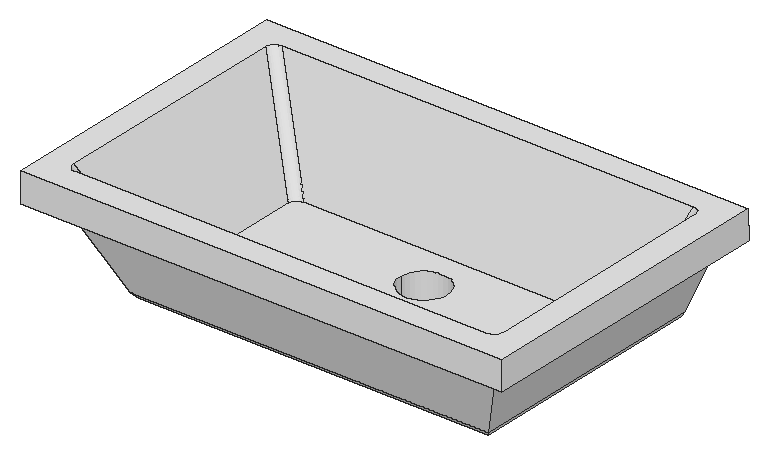
Revit family "Quail Under Slung Basin", category Plumbing Fixtures, Revit 2014
Parameters (values of type "Quail Under Slung Basin")
  URL = "http://www.vaalsan.co.za"
  Type Comments = "Quail Under Slung Basin"
  Manufacturer = if(1 = 1, "Vaal Sanitaryware", "Vaal Sanitaryware")  # "Vaal Sanitaryware"
  Finish = Plastic, Opaque White
  Capacity to overflow = ""
  Capacity to full = ""
  Assembly Code = "D2010400"
Reference planes
  plane 1 "Center (Front/Back)": y = 0
  plane 2: z = 0
  plane 3 "Center (Left/Right)": x = -15
  plane 4: x = -252.5
  plane 5: x = 222.5
  plane 6: x = -280
  plane 7: x = 250
  plane 8: y = 195
  plane 9: y = -145
  plane 10: y = 167.5
  plane 11: y = -117.5
  plane 12: z = 178
  plane 13: z = 146
  plane 14: z = 43
  plane 15: z = 59
  plane 16: y = 80
Forms (mm)
  Extrusion 1, solid, material "Plastic, Opaque White" <- "Finish", detail levels medium+fine
    sketch origin (0, 0, 0) x (1, 0, 0) y (0, 1, 0)
      loop
        line (-280, 195) -> (-280, -145) -> (250, -145) -> (250, 195) -> (-280, 195)
    from 0 to 178
  Blend 2, void
    base sketch origin (0, 0, 0) x (1, 0, 0) y (0, 1, 0)
      loop
        arc (-187.5, 130) -> (-194.571, 127.071) -> (-197.5, 120) r 10
        line (-197.5, 120) -> (-197.5, -52.5)
        arc (-197.5, -52.5) -> (-194.571, -59.571) -> (-187.5, -62.5) r 10
        line (-187.5, -62.5) -> (157.5, -62.5)
        arc (157.5, -62.5) -> (164.571, -59.571) -> (167.5, -52.5) r 10
        line (167.5, -52.5) -> (167.5, 120)
        arc (167.5, 120) -> (164.571, 127.071) -> (157.5, 130) r 10
        line (157.5, 130) -> (-187.5, 130)
    top sketch origin (0, 0, 0) x (1, 0, 0) y (0, 1, 0)
      loop
        arc (-242.5, 167.5) -> (-249.571, 164.571) -> (-252.5, 157.5) r 10
        line (-252.5, 157.5) -> (-252.5, -107.5)
        arc (-252.5, -107.5) -> (-249.571, -114.571) -> (-242.5, -117.5) r 10
        line (-242.5, -117.5) -> (212.5, -117.5)
        arc (212.5, -117.5) -> (219.571, -114.571) -> (222.5, -107.5) r 10
        line (222.5, -107.5) -> (222.5, 157.5)
        arc (222.5, 157.5) -> (219.571, 164.571) -> (212.5, 167.5) r 10
        line (212.5, 167.5) -> (-242.5, 167.5)
    from 59 to 180
  Extrusion 3, void
    sketch origin (0, 0, 0) x (1, 0, 0) y (0, 1, 0)
      loop
        circle (-15, 80) r 26
    from 0 to 250
  Sweep 4, void
    path origin (0, 0, 0) x (1, 0, 0) y (0, 1, 0)
      loop
        line (250, 195) -> (250, -145) -> (-280, -145) -> (-280, 195)
    profile origin (-15, -145, 0) x (0, -1, 0) y (0, 0, 1)
      loop
        arc (-15.077, 146) -> (-23.739, 143.452) -> (-29.642, 136.621) r 16
        line (-29.642, 136.621) -> (-67.934, 52.379)
        arc (-67.934, 52.379) -> (-73.838, 45.548) -> (-82.5, 43) r 16
        line (-82.5, 43) -> (-169.334, 43)
        arc (-169.334, 43) -> (-179.941, 38.607) -> (-184.334, 28) r 15
        line (-184.334, 28) -> (-184.334, 0) -> (0, 0) -> (0, 146) -> (-15.077, 146)
  Extrusion 5, void
    sketch origin (-15, 0, 0) x (0, 1, 0) y (0, 0, 1)
      loop
        line (195, 146) -> (191.131, 35.212)
        arc (191.131, 35.212) -> (185.037, 21.523) -> (171.143, 15.91) r 20
        line (171.143, 15.91) -> (123.693, 15.91)
        arc (123.693, 15.91) -> (112.057, 11.09) -> (107.237, -0.546) r 16.456
        line (107.237, -0.546) -> (195, -0.546) -> (195, 146)
    from -265 to 265
Cuts and joins
  Blend 2, Extrusion 3, Sweep 4, Extrusion 5 cuts Extrusion 1
Lines and regions (mm)
  Masking region 1, detail levels coarse
    outline origin (-15, 29.38, 0) x (1, 0, 0) y (0, 1, 0)
      loop
        arc (-232.5, -127.5) -> (-229.571, -134.571) -> (-222.5, -137.5) r 10
        line (-222.5, -137.5) -> (222.5, -137.5)
        arc (222.5, -137.5) -> (229.571, -134.571) -> (232.5, -127.5) r 10
        line (232.5, -127.5) -> (232.5, 127.5)
        arc (232.5, 127.5) -> (229.571, 134.571) -> (222.5, 137.5) r 10
        line (222.5, 137.5) -> (-222.5, 137.5)
        arc (-222.5, 137.5) -> (-229.571, 134.571) -> (-232.5, 127.5) r 10
        line (-232.5, 127.5) -> (-232.5, -127.5)
  Masking region 2
    outline origin (-15, 0, 0) x (0, 1, 0) y (0, 0, 1)
      loop
        arc (-77.066, 52.379) -> (-71.162, 45.548) -> (-62.5, 43) r 16
        line (-62.5, 43) -> (24.334, 43)
        arc (24.334, 43) -> (34.941, 38.607) -> (39.334, 28) r 15
        line (39.334, 28) -> (39.334, 0) -> (107.246, 0)
        arc (107.246, 0) -> (112.251, 11.282) -> (123.693, 15.91) r 16.456
        line (123.693, 15.91) -> (171.143, 15.91)
        arc (171.143, 15.91) -> (185.037, 21.523) -> (191.131, 35.212) r 20
        line (191.131, 35.212) -> (196.117, 178) -> (-145, 178) -> (-145, 146) -> (-129.923, 146)
        arc (-129.923, 146) -> (-121.261, 143.452) -> (-115.358, 136.621) r 16
        line (-115.358, 136.621) -> (-77.066, 52.379)
  symbolic lines
    curve 1: line (-15, 175.141, 35.771) -> (-15, 178.99, 146)
    curve 2: line (-15, 144.85, 52.498) -> (-15, 167.5, 146)
    curve 3: arc (-15, 171.143, 31.91) -> (-15, 173.922, 33.033) -> (-15, 175.141, 35.771) r 4
    curve 4: line (-15, 123.693, 31.91) -> (-15, 171.143, 31.91)
    curve 5: arc (-15, 106, 26.664) -> (-15, 114.466, 30.571) -> (-15, 123.693, 31.91) r 32.456
    curve 6: arc (-15, 178.99, 146) -> (-15, 173.245, 150.52) -> (-15, 167.5, 146) r 5.911
    curve 7: line (-15, 106, 0) -> (-15, 106, 26.664)
    curve 8: line (-15, 106, 0) -> (-15, 107.246, 0)
    curve 9: arc (-15, 106, 44.565) -> (-15, 114.69, 47.066) -> (-15, 123.693, 47.91) r 48.456
    curve 10: line (-15, 123.693, 47.91) -> (-15, 139.019, 47.91)
    curve 11: arc (-15, 139.019, 47.91) -> (-15, 142.728, 49.195) -> (-15, 144.85, 52.498) r 6
    curve 12: line (-15, -62.5, 59) -> (-15, 38, 59)
    curve 13: line (-15, -62.5, 59) -> (-15, -116.591, 178)
    curve 14: line (-15, 54, 43) -> (-15, 54, 0)
    curve 15: line (-15, 54, 43) -> (-15, 38, 59)
    curve 16: line (-15, 106, 44.565) -> (-15, 116.157, 59)
    curve 17: line (-15, 116.157, 59) -> (-15, 126.315, 59)
    curve 18: line (-15, 131.091, 62.52) -> (-15, 166.88, 178)
    curve 19: arc (-15, 126.315, 59) -> (-15, 129.281, 59.975) -> (-15, 131.091, 62.52) r 5
Dimensions and locks
  plane 6 to plane 4 to plane 5 to plane 7 = 27.5 mm locked, 475 mm locked, 27.5 mm locked
  plane 6 to plane 7 = 530 mm
  plane 9 to plane 11 to plane 10 to plane 8 = 27.5 mm, 285 mm, 27.5 mm
  plane 9 to plane 8 = 340 mm
  locked: plane 12 to plane 13 at 32
  plane 12 to plane 2 = 178 mm
  locked: plane 12 to plane 14 at 135
  plane 16 to plane 8 = 115 mm
  equal spacing: plane 6, plane 3 "Center (Left/Right)", plane 7
  aligned and locked: level to plane 2
  aligned and locked: Extrusion 1 sketch curve to plane 6
  aligned and locked: Extrusion 1 sketch curve to plane 8
  aligned and locked: plane 9 to Extrusion 1 sketch curve
  aligned and locked: plane 7 to Extrusion 1 sketch curve
  aligned and locked: Blend 2 to plane 15
  aligned and locked: plane 9 to Sweep 4 sketch curve
  aligned and locked: plane 7 to Sweep 4 sketch curve
  aligned and locked: Sweep 4 sketch curve to plane 6
  aligned and locked: plane 8 to Sweep 4 sketch curve
  aligned and locked: Sweep 4 sketch curve to plane 13
  aligned and locked: Sweep 4 sketch curve to plane 14
  aligned and locked: plane 8 to Extrusion 5 sketch curve
  aligned and locked: Extrusion 5 to plane 7
  aligned and locked: Extrusion 5 to plane 6
  aligned and locked: Extrusion 5 sketch curve to Masking region 2  (x2)
  aligned and locked: curve 12 to cut or joined group of Extrusion 1, Blend 2, Extrusion 3, Sweep 4, Extrusion 5
Automatic sketch dimensions
  plane 4 to Blend 2 sketch curve = 55 mm
  Blend 2 sketch curve to Blend 2 sketch curve = 10 mm  (x4)
  plane 5 to Blend 2 sketch curve = 65 mm  (x2)
  plane 11 to Blend 2 sketch curve = 55 mm
  Blend 2 sketch curve to plane 16 = 40 mm
  Blend 2 sketch curve to plane 4 = 0 mm
  plane 10 to Blend 2 sketch curve = 0 mm
  Blend 2 sketch curve to plane 11 = 0 mm
  Blend 2 sketch curve to plane 5 = 0 mm
  plane 4 to Blend 2 sketch curve = 10 mm
  plane 5 to Blend 2 sketch curve = 10 mm  (x2)
  plane 5 to Masking region 1 sketch curve = 15 mm  (x2)
  plane 11 to Masking region 1 sketch curve = 19.38 mm
  plane 4 to Masking region 1 sketch curve = 15 mm  (x2)
  Masking region 1 sketch curve to Masking region 1 sketch curve = 10 mm
  plane 5 to Masking region 1 sketch curve = 5 mm
  plane 10 to Masking region 1 sketch curve = 10.62 mm
  Extrusion 3 sketch curve to plane 3 "Center (Left/Right)" = 0 mm
  plane 16 to Extrusion 3 sketch curve = 0 mm
  plane 8 to Sweep 4 sketch curve = 0 mm
  Sweep 4 sketch curve to level = 0 mm
  Sweep 4 sketch curve to profile plane = 0 mm
  profile plane to Sweep 4 sketch curve = 15.077 mm
  Sweep 4 sketch curve to Sweep 4 sketch curve = 14.566 mm  (x2)
  profile plane to Sweep 4 sketch curve = 67.934 mm
  Sweep 4 sketch curve to Sweep 4 sketch curve = 86.834 mm
  Sweep 4 sketch curve to Sweep 4 sketch curve = 15 mm
  Sweep 4 sketch curve to Sweep 4 sketch curve = 9.379 mm
  Sweep 4 sketch curve to Sweep 4 sketch curve = 16 mm
  Extrusion 5 sketch curve to level = 0.546 mm
  Extrusion 5 sketch curve to plane 13 = 0 mm
  Masking region 2 sketch curve to plane 9 = 0 mm
  Masking region 2 sketch curve to plane 13 = 0 mm
  Masking region 2 sketch curve to plane 14 = 0 mm
  Masking region 2 sketch curve to plane 15 = 0 mm
  Masking region 2 sketch curve to level = 0 mm
  Masking region 2 sketch curve to plane 12 = 0 mm
  Masking region 2 sketch curve to plane 11 = 12.423 mm
  plane 11 to Masking region 2 sketch curve = 2.142 mm
  Masking region 2 sketch curve to plane 15 = 6.621 mm
  plane 11 to Masking region 2 sketch curve = 40.434 mm
  Masking region 2 sketch curve to plane 1 "Center (Front/Back)" = 24.334 mm
  Masking region 2 sketch curve to plane 14 = 15 mm
  Masking region 2 sketch curve to plane 16 = 27.246 mm
  Masking region 2 sketch curve to level = 0.546 mm
  Masking region 2 sketch curve to Masking region 2 sketch curve = 16.447 mm
  Masking region 2 sketch curve to plane 10 = 3.643 mm
  plane 8 to Masking region 2 sketch curve = 3.869 mm
  Masking region 2 sketch curve to plane 8 = 1.117 mm
  Masking region 2 sketch curve to plane 14 = 7.788 mm
  Masking region 2 sketch curve to plane 13 = 16 mm
  plane 8 to Extrusion 5 sketch curve = 3.869 mm
  Extrusion 5 sketch curve to plane 16 = 43.693 mm
  curve 5 to curve 9 = 0 mm  (x2)
  curve 13 to plane 12 = 0 mm
  curve 13 to plane 15 = 0 mm
  curve 15 to plane 14 = 0 mm
  curve 14 to level = 0 mm
  curve 7 to level = 0 mm
  curve 16 to plane 15 = 0 mm
  curve 18 to plane 12 = 0 mm
  curve 2 to plane 10 = 0 mm
  curve 1 to plane 13 = 0 mm
  curve 6 to plane 13 = 0 mm
  curve 2 to plane 15 = 6.502 mm
  plane 10 to curve 2 = 22.65 mm
  plane 14 to curve 10 = 4.91 mm
  curve 10 to curve 2 = 5.831 mm
  plane 15 to curve 18 = 3.52 mm
  curve 18 to curve 11 = 7.928 mm
  curve 17 to curve 18 = 4.776 mm
  curve 10 to curve 19 = 2.622 mm
  plane 14 to curve 16 = 1.565 mm
  curve 16 to curve 10 = 17.693 mm
  curve 7 to curve 16 = 0 mm
  plane 16 to curve 14 = 26 mm
  curve 12 to curve 14 = 16 mm
  plane 11 to curve 12 = 55 mm
  curve 3 to plane 10 = 3.643 mm
  curve 6 to plane 13 = 1.392 mm
  curve 6 to plane 10 = 5.745 mm
  curve 3 to curve 1 = 3.998 mm
  curve 7 to plane 14 = 16.336 mm
  curve 4 to curve 1 = 3.86 mm
  plane 10 to curve 18 = 0.62 mm
  curve 17 to curve 17 = 10.157 mm
  curve 7 to curve 8 = 1.246 mm
  plane 11 to curve 13 = 0.909 mm
  radius of Extrusion 3 sketch curve = 26 mm
Connectors
  piping at (-15, 80.583, 0), diameter 52
    settings: on cut or joined group of Extrusion 1, Blend 2, Extrusion 3, Sweep 4, Extrusion 5, index 1, connector inside diameter 609.6 mm, connector length 0 mm, flow factor 0, pipe flow 0.0 L/s, pressure drop 0.0 Pa, fitting loss kfactor 0, connector angle 0.00°, fixture units 0, engagement length 0 mm, angle of deflection 0.00°, flow configuration 0, flow direction 2, fitting loss method 0, system type 16, joint type 0, gender type 0, connector reference index -1, connector utility 0, adjustable connector no, is connector primary yes, connector description ""
